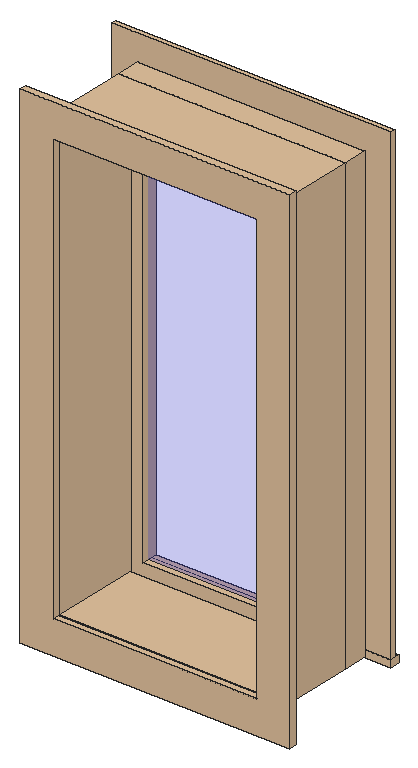
Revit family
Parameters (values of type "0610 x 1220mm")
  Glass Pane Material = Glass
  Height = 1220.00 mm
  Sash = Sash
  Default Sill Height = 915.00 mm
  Trim Exterior Material = Trim
  Trim Interior Material = Trim
  Trim Projection - Ext. = 13.00 mm
  Trim Projection - Int. = 19.00 mm
  Trim Width - Exterior = 89.00 mm
  Trim Width - Interior = 89.00 mm
  Wall Closure = (empty or 0)
  Width = 610.00 mm
  Window Inset = 19.00 mm
Types (10, lengths in mm): name | Height | Default Sill Height | Trim Projection - Ext. | Width
  (no name) | 1220.00 | 915.00 | 13.00 | 610.00
  0915 x 1220mm | 1220.00 | 915.00 | 13.00 | 915.00
  0610 x 1220mm | 1220.00 | 915.00 | 13.00 | 610.00
  0610 x 0610mm | 610.00 | 915.00 | 13.00 | 610.00
  0406 x 0610mm | 610.00 | 915.00 | 13.00 | 406.00
  0406 x 1220mm | 1220.00 | 915.00 | 14.00 | 406.00
  0406 x 1830mm | 1830.00 | 305.00 | 13.00 | 406.00
  0610 x 1830mm | 1830.00 | 305.00 | 13.00 | 610.00
  0915 x 0610mm | 610.00 | 915.00 | 13.00 | 915.00
  0915 x 1830mm | 1830.00 | 305.00 | 13.00 | 915.00
Reference planes
  plane 1: y = 0
  plane 2: z = 0
  plane 3 "Center": x = -38.1
  plane 4 "Left": x = -343.1
  plane 5 "Right": x = 266.9
  plane 6 "Sill": z = 915
  plane 7 "Top": z = 2135
  plane 8: y = 152.4
  plane 9: y = -152.4
  plane 10: y = 133.4
  plane 11: x = -324.05
  plane 12: x = -311.35
  plane 13: x = 247.85
  plane 14: x = 235.15
  plane 15: x = -413.05
  plane 16: x = -400.35
  plane 17: x = 324.15
  plane 18: x = 336.85
  plane 19: z = 2204.95
  plane 20: z = 2115.95
  plane 21: z = 2103.25
  plane 22: z = 2192.25
  plane 23: z = 946.75
  plane 24: z = 857.75
  plane 25 "Closure": y = 104.825
Forms (mm)
  Extrusion 1, solid, material "Trim" <- "Trim Exterior Material"
    sketch origin (0, 0, 0) x (1, 0, 0) y (0, 0, 1)
      loop
        line (-343.1, 2135) -> (-343.1, 915) -> (266.9, 915) -> (266.9, 2135) -> (-343.1, 2135)
      loop
        line (-324.05, 2115.95) -> (-324.05, 934.05) -> (247.85, 934.05) -> (247.85, 2115.95) -> (-324.05, 2115.95)
    from -152.4 to -88.95
  Extrusion 2, solid, material "Trim" <- "Trim Interior Material"
    sketch origin (0, 0, 0) x (-1, 0, 0) y (0, 0, 1)
      loop
        line (-266.9, 2135) -> (-266.9, 915) -> (343.1, 915) -> (343.1, 2135) -> (-266.9, 2135)
      loop
        line (-235.15, 2103.25) -> (-235.15, 946.75) -> (311.35, 946.75) -> (311.35, 2103.25) -> (-235.15, 2103.25)
    from 88.95 to -152.4
  Extrusion 3, solid, material "Sash" <- "Sash"
    sketch origin (0, 0, 0) x (-1, 0, 0) y (0, 0, 1)
      loop
        line (-247.85, 2115.95) -> (-247.85, 934.05) -> (324.05, 934.05) -> (324.05, 2115.95) -> (-247.85, 2115.95)
      loop
        line (-203.4, 2071.5) -> (-203.4, 978.5) -> (279.6, 978.5) -> (279.6, 2071.5) -> (-203.4, 2071.5)
    from 88.95 to 133.4
  Extrusion 4, solid, material "Glass" <- "Glass Pane Material"
    sketch origin (-124.971, 0, -117.036) x (1, 0, 0) y (0, 0, 1)
      loop
        line (-154.629, 2188.536) -> (-154.629, 1095.536) -> (328.371, 1095.536) -> (328.371, 2188.536) -> (-154.629, 2188.536)
    from -117.525 to -104.825
  Extrusion 5, solid, material "Trim" <- "Trim Interior Material"
    sketch origin (0, 0, 0) x (1, 0, 0) y (0, 0, 1)
      loop
        line (-311.35, 2103.25) -> (-311.35, 946.75) -> (235.15, 946.75) -> (235.15, 2103.25) -> (-311.35, 2103.25)
      loop
        line (-400.35, 2192.25) -> (-400.35, 857.75) -> (324.15, 857.75) -> (324.15, 2192.25) -> (-400.35, 2192.25)
    from 152.4 to 171.4
  Extrusion 6, solid, material "Trim" <- "Trim Exterior Material"
    sketch origin (0, 0, 0) x (-1, 0, 0) y (0, 0, 1)
      loop
        line (-247.85, 2115.95) -> (324.05, 2115.95) -> (324.05, 934.05) -> (413.05, 934.05) -> (413.05, 2204.95) -> (-336.85, 2204.95) -> (-336.85, 934.05) -> (-247.85, 934.05) -> (-247.85, 2115.95)
    from 152.4 to 165.4
  Extrusion 7, solid, material "Trim" <- "Trim Exterior Material"
    sketch origin (0, 0, 0) x (-1, 0, 0) y (0, 0, 1)
      loop
        line (-336.85, 934.05) -> (-336.85, 915) -> (413.05, 915) -> (413.05, 934.05) -> (-336.85, 934.05)
    from 152.4 to 178.1
Lines and regions (mm)
  Opening 1
    outline origin (-1524, -152.4, 0) x (1, 0, 0) y (0, 0, 1)
      loop
        line (1180.9, 2135) -> (1180.9, 915) -> (1790.9, 915) -> (1790.9, 2135) -> (1180.9, 2135)
  symbolic lines, style "WindowsFrameMullionProjection"
    curve 1: line (-343.1, 152.4, 0) -> (-324.05, 152.4, 0)
    curve 2: line (-324.05, 88.95, 0) -> (-324.05, 152.4, 0)
    curve 3: line (-324.05, 88.95, 0) -> (-311.35, 88.95, 0)
    curve 4: line (-311.35, -152.4, 0) -> (-311.35, 88.95, 0)
    curve 5: line (266.9, 152.4, 0) -> (247.85, 152.4, 0)
    curve 6: line (235.15, 88.95, 0) -> (235.15, -152.4, 0)
    curve 7: line (235.15, 88.95, 0) -> (247.85, 88.95, 0)
    curve 8: line (247.85, 88.95, 0) -> (247.85, 152.4, 0)
    curve 9: line (-324.05, 133.4, 0) -> (-279.6, 133.4, 0)
    curve 10: line (-324.05, 133.4, 0) -> (-324.05, 88.95, 0)
    curve 11: line (-324.05, 88.95, 0) -> (-279.6, 88.95, 0)
    curve 12: line (-279.6, 133.4, 0) -> (-279.6, 88.95, 0)
    curve 13: line (247.85, 133.4, 0) -> (203.4, 133.4, 0)
    curve 14: line (247.85, 133.4, 0) -> (247.85, 88.95, 0)
    curve 15: line (247.85, 88.95, 0) -> (203.4, 88.95, 0)
    curve 16: line (203.4, 133.4, 0) -> (203.4, 88.95, 0)
    curve 18: line (-311.35, -152.4, 0) -> (-343.1, -152.4, 0)
    curve 19: line (235.15, -152.4, 0) -> (266.9, -152.4, 0)
  symbolic lines, style "WindowsGlassProjection"
    curve 17: line (-279.6, 111.175, 0) -> (203.4, 111.175, 0)
Text (mm)
  text "EXTERIOR" at (-1437.207, 1354.346, 0), in view "Floor Line"
  text "INTERIOR" at (-1490.695, -895.805, 0), in view "Floor Line"
  text "Exterior" at (0, 1108.87, 3415.022), in view "Left"
  text "Exterior" at (0, 464.664, 3176.206), in view "Right"
Dimensions and locks
  equal spacing: plane 4 "Left", plane 3 "Center", plane 5 "Right"
  "Width": plane 4 "Left" to plane 5 "Right"
  plane 2 to plane 24 to plane 6 "Sill" to plane 21 to plane 7 "Top" = 857.75 mm, 57.25 mm, 1188.25 mm, 31.75 mm
  "Window Inset": plane 8 to plane 10
  locked: plane 10 to Extrusion 3 at 44.45
  locked: plane 10 to Extrusion 4 at 15.875
  locked: Extrusion 4 to Extrusion 4 at 12.7
  "Trim Projection - Int.": Extrusion 5 to Extrusion 5
  "Trim Projection - Ext.": Extrusion 6 to Extrusion 6
  locked: Extrusion 7 sketch curve to Extrusion 1 at 19.05
  locked: Extrusion 7 to Extrusion 6 at 12.7
  locked: plane 4 "Left" to plane 11 at 19.05
  locked: plane 13 to plane 5 "Right" at 19.05
  locked: plane 14 to plane 5 "Right" at 31.75
  locked: plane 4 "Left" to plane 12 at 31.75
  "Trim Width - Exterior": plane 13 to plane 18
  "Trim Width - Exterior": plane 15 to plane 11
  locked: plane 20 to plane 7 "Top" at 19.05
  "Trim Width - Exterior": plane 20 to plane 19
  "Trim Width - Interior": plane 16 to plane 12
  "Trim Width - Interior": plane 14 to plane 17
  locked: plane 7 "Top" to plane 21 at 31.75
  "Trim Width - Interior": plane 22 to plane 21
  locked: plane 23 to plane 6 "Sill" at 31.75
  "Trim Width - Interior": plane 23 to plane 24
  "Height": plane 7 "Top" to plane 6 "Sill"
  "Default Sill Height": plane 6 "Sill" to plane 2
  locked: plane 25 "Closure" to plane 8 at 47.575
  aligned and locked: plane 7 "Top" to Opening 1 sketch curve
  aligned and locked: plane 6 "Sill" to Opening 1 sketch curve  (x2)
  aligned and locked: plane 5 "Right" to Opening 1 sketch curve
  aligned and locked: plane 4 "Left" to Opening 1 sketch curve
  aligned and locked: plane 9 to host wall
  aligned and locked: host wall to Extrusion 2
  aligned and locked: plane 10 to Extrusion 3
  aligned and locked: plane 8 to host wall
  aligned and locked: host wall to Extrusion 1
  aligned and locked: Extrusion 2 to Extrusion 1
  aligned and locked: Extrusion 1 to Extrusion 3
  aligned and locked: Extrusion 4 sketch curve to Extrusion 3  (x4)
  aligned and locked: curve 5 to Extrusion 1  (x2)
  aligned and locked: curve 6 to Extrusion 2
  aligned and locked: curve 4 to Extrusion 2
  aligned and locked: curve 16 to Extrusion 3
  aligned and locked: Extrusion 1 to curve 11
  aligned and locked: Extrusion 1 to curve 7
  aligned and locked: Extrusion 5 sketch curve to Extrusion 2  (x4)
  aligned and locked: Extrusion 5 to host wall
  aligned and locked: Extrusion 6 sketch curve to Extrusion 1  (x4)
  aligned and locked: Extrusion 6 to host wall
  aligned and locked: Extrusion 7 sketch curve to Extrusion 6  (x2)
  aligned and locked: Extrusion 7 to host wall
Automatic sketch dimensions
  Extrusion 1 sketch curve to plane 4 "Left" = 0.00 mm
  Extrusion 1 sketch curve to plane 5 "Right" = 0.00 mm
  Extrusion 1 sketch curve to plane 4 "Left" = 19.05 mm
  plane 5 "Right" to Extrusion 1 sketch curve = 19.05 mm
  Extrusion 1 sketch curve to plane 6 "Sill" = 0.00 mm
  Extrusion 1 sketch curve to plane 7 "Top" = 0.00 mm
  Extrusion 1 sketch curve to plane 6 "Sill" = 19.05 mm
  plane 7 "Top" to Extrusion 1 sketch curve = 19.05 mm
  Extrusion 2 sketch curve to plane 5 "Right" = 0.00 mm
  Extrusion 2 sketch curve to plane 4 "Left" = 0.00 mm
  plane 5 "Right" to Extrusion 2 sketch curve = 31.75 mm
  Extrusion 2 sketch curve to plane 4 "Left" = 31.75 mm
  Extrusion 2 sketch curve to plane 6 "Sill" = 0.00 mm
  Extrusion 2 sketch curve to plane 7 "Top" = 0.00 mm
  Extrusion 2 sketch curve to plane 6 "Sill" = 31.75 mm
  plane 7 "Top" to Extrusion 2 sketch curve = 31.75 mm
  plane 5 "Right" to Extrusion 3 sketch curve = 19.05 mm
  plane 5 "Right" to Extrusion 3 sketch curve = 63.50 mm
  Extrusion 3 sketch curve to plane 4 "Left" = 63.50 mm
  Extrusion 3 sketch curve to plane 4 "Left" = 19.05 mm
  Extrusion 3 sketch curve to plane 6 "Sill" = 19.05 mm
  Extrusion 3 sketch curve to plane 6 "Sill" = 63.50 mm
  plane 7 "Top" to Extrusion 3 sketch curve = 63.50 mm
  plane 7 "Top" to Extrusion 3 sketch curve = 19.05 mm
  curve 18 to plane 4 "Left" = 0.00 mm
  curve 1 to plane 4 "Left" = 0.00 mm
  curve 2 to plane 8 = 0.00 mm
  curve 10 to plane 10 = 0.00 mm
  curve 13 to plane 10 = 0.00 mm
  curve 19 to plane 5 "Right" = 0.00 mm
  curve 1 to curve 2 = 19.05 mm
  curve 9 to curve 12 = 44.45 mm
  plane 5 "Right" to curve 13 = 19.05 mm
  curve 19 to plane 9 = 0.00 mm
  curve 4 to plane 9 = 0.00 mm
  curve 11 to curve 17 = 22.225 mm
  Extrusion 7 sketch curve to plane 15 = 0.00 mm
  Extrusion 5 sketch curve to plane 16 = 0.00 mm
  Extrusion 5 sketch curve to plane 17 = 0.00 mm
  Extrusion 5 sketch curve to plane 24 = 0.00 mm
  Extrusion 5 sketch curve to plane 22 = 0.00 mm
  Extrusion 6 sketch curve to plane 18 = 0.00 mm
  Extrusion 6 sketch curve to plane 15 = 0.00 mm
  Extrusion 6 sketch curve to plane 19 = 0.00 mm
  Extrusion 6 sketch curve to plane 6 "Sill" = 19.05 mm
